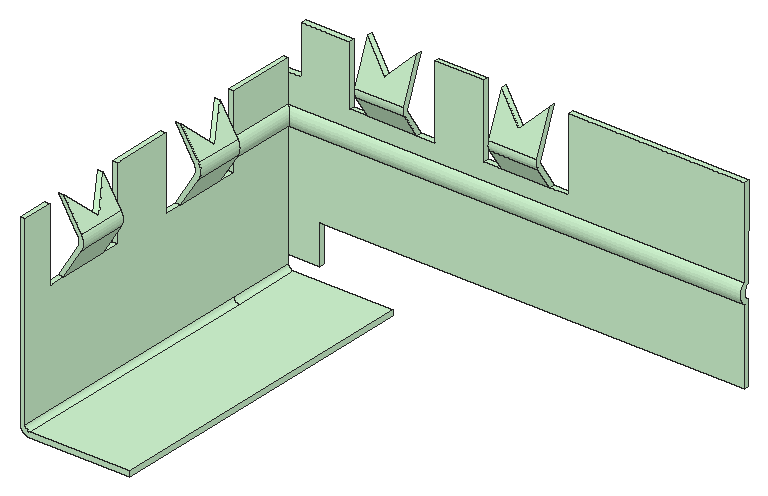
Revit family "20etlcross_h8-el3520_left", category 機械設備, Revit 2022
Family settings
  丸型コネクタ寸法 = 直径を使用
  種別 = なし
  パーツ タイプ = 標準
  作業面ベース = いいえ
  常に垂直 = はい
  ロード時にボイドで切り取り = いいえ
  注釈の向きを維持 = いいえ
  共有 = いいえ
  部屋計算ポイント = いいえ
Parameters
  製造元 = "株式会社桐井製作所"
  既定の高さ = 0 mm
  URL = "https://www.kirii.co.jp/"
  K_材質 = "溶融亜鉛めっき鋼板及び鋼帯 SGCC 一般用"
  K_品名 = "20eTLクロス左 H=8-eL3520(ツメ)"
  K_名称 = "eTLクロス"
  K_入数 = "250"
  K_備考 = "対象Tバー:eT4015、eY4815　対象Lバー:eL3520(20面)"
  K_バージョン情報 = "20220411"
  K_めっき付着量 = "Z12"
  K_JIS規格 = "JIS G 3302"
Reference planes
  plane 1 "中心(正面/背面)": y = 0
  plane 2: z = 0
  plane 3 "中心(左/右)": x = 0
Forms (mm)
  Extrusion 1, solid
    sketch origin (0, 0, 0) x (0, 1, 0) y (0, 0, 1)
      loop
        arc (-0.8, 25.182) -> (-1.6, 23.582) -> (-0.8, 21.982) r 2
        line (-0.8, 21.982) -> (-0.8, 0) -> (0, 0) -> (0, 22.451)
        arc (0, 22.451) -> (-0.8, 23.582) -> (0, 24.713) r 1.2
        line (0, 24.713) -> (0, 40) -> (-0.8, 40) -> (-0.8, 25.182)
    from 0 to 76
  Extrusion 2, void
    sketch origin (0, 0, 0) x (1, 0, 0) y (0, 0, 1)
      loop
        line (0, 40) -> (0, 30) -> (3, 30) -> (3, 38) -> (11, 38) -> (11, 28) -> (25, 28) -> (25, 40) -> (0, 40)
    from 0 to 0.8
  Extrusion 3, void
    sketch origin (0, 0, 0) x (1, 0, 0) y (0, 0, 1)
      loop
        line (33, 28) -> (47, 28) -> (47, 40) -> (33, 40) -> (33, 28)
    from 0 to 0.8
  Extrusion 4, void
    sketch origin (0, 0, 0) x (1, 0, 0) y (0, 0, 1)
      loop
        line (6, 9.5) -> (6, 3) -> (0, 3) -> (0, 0) -> (76, 0) -> (76, 9.5) -> (6, 9.5)
    from -0.792 to 0.8
  Extrusion 5, void
    sketch origin (-22, -1.6, 0) x (1, 0, 0) y (0, 0, -1)
      loop
        line (44, -40) -> (40, -36) -> (36, -40) -> (44, -40)
    from -0.873 to 1.6
  Extrusion 6, void
    sketch origin (0, -1.6, 0) x (1, 0, 0) y (0, 0, -1)
      loop
        line (44, -40) -> (40, -36) -> (36, -40) -> (44, -40)
    from -0.873 to 1.6
  Extrusion 7, solid
    sketch origin (-22, -0.8, 0) x (0, -1, 0) y (0, 0, -1)
      loop
        line (2.069, -32.596) -> (-0.8, -40) -> (0, -40) -> (2.676, -33.237)
        arc (2.676, -33.237) -> (2.766, -32.496) -> (2.511, -31.794) r 1.6
        line (2.511, -31.794) -> (0, -28) -> (-0.8, -28) -> (2.069, -32.596)
    from 36 to 44
  Extrusion 8, solid
    sketch origin (0, -0.8, 0) x (0, -1, 0) y (0, 0, -1)
      loop
        line (2.069, -32.596) -> (-0.8, -40) -> (0, -40) -> (2.676, -33.237)
        arc (2.676, -33.237) -> (2.766, -32.496) -> (2.511, -31.794) r 1.6
        line (2.511, -31.794) -> (0, -28) -> (-0.8, -28) -> (2.069, -32.596)
    from 36 to 44
  Extrusion 9, void
    sketch origin (0, -54.2, 0) x (0, 1, 0) y (0, 0, 1)
      loop
        line (42.2, 20) -> (42.2, 32) -> (28.2, 32) -> (28.2, 20) -> (42.2, 20)
    from 0 to 0.8
  Extrusion 10, solid
    sketch origin (0, -54.2, 0) x (1, 0, 0) y (0, 0, 1)
      loop
        line (0.8, 32) -> (0, 32) -> (0, 1.6)
        arc (0, 1.6) -> (0.469, 0.469) -> (1.6, 0) r 1.6
        line (1.6, 0) -> (18, 0) -> (18, 0.8) -> (1.6, 0.8)
        arc (1.6, 0.8) -> (1.034, 1.034) -> (0.8, 1.6) r 0.8
        line (0.8, 1.6) -> (0.8, 32)
    from -42.2 to 0.8
  Extrusion 11, void
    sketch origin (0, -68.2, 0) x (0, 1, 0) y (0, 0, 1)
      loop
        line (32.2, 20) -> (32.2, 32) -> (18.2, 32) -> (18.2, 20) -> (32.2, 20)
    from 0 to 0.8
  Extrusion 12, solid
    sketch origin (0, -11.2, 0) x (1, 0, 0) y (0, 0, 1)
      loop
        arc (1.6, 0.8) -> (1.034, 1.034) -> (0.8, 1.6) r 0.8
        line (0.8, 1.6) -> (0.8, 21.982)
        arc (0.8, 21.982) -> (1.6, 23.582) -> (0.8, 25.182) r 2
        line (0.8, 25.182) -> (0.8, 32) -> (0, 32) -> (0, 24.713)
        arc (0, 24.713) -> (0.8, 23.582) -> (0, 22.451) r 1.2
        line (0, 22.451) -> (0, 1.6)
        arc (0, 1.6) -> (0.469, 0.469) -> (1.6, 0) r 1.6
        line (1.6, 0) -> (18, 0) -> (18, 0.8) -> (1.6, 0.8)
    from -10.4 to 0.8
  Extrusion 13, solid
    sketch origin (0, -37.169, 0) x (1, 0, 0) y (0, 0, 1)
      loop
        line (3.756, 27.207) -> (0.8, 32) -> (0, 32) -> (3.075, 26.787)
        arc (3.075, 26.787) -> (3.298, 26) -> (3.075, 25.213) r 1.5
        line (3.075, 25.213) -> (0, 20) -> (0.8, 20) -> (3.756, 24.793)
        arc (3.756, 24.793) -> (4.098, 26) -> (3.756, 27.207) r 2.3
    from -22.2 to -14.2
  Extrusion 14, void
    sketch origin (0, -37.169, 0) x (0, 1, 0) y (0, 0, 1)
      loop
        line (22.2, 32) -> (14.2, 32) -> (18.2, 28) -> (22.2, 32)
    from 0 to 3.257
  Extrusion 15, solid
    sketch origin (0, -61.2, 0) x (1, 0, 0) y (0, 0, 1)
      loop
        line (3.756, 27.207) -> (0.8, 32) -> (0, 32) -> (3.075, 26.787)
        arc (3.075, 26.787) -> (3.298, 26) -> (3.075, 25.213) r 1.5
        line (3.075, 25.213) -> (0, 20) -> (0.8, 20) -> (3.756, 24.793)
        arc (3.756, 24.793) -> (4.098, 26) -> (3.756, 27.207) r 2.3
    from -22.2 to -14.2
  Extrusion 16, void
    sketch origin (0, -61.2, 0) x (0, 1, 0) y (0, 0, 1)
      loop
        line (22.2, 32) -> (14.2, 32) -> (18.2, 28) -> (22.2, 32)
    from 0 to 3.257
  Extrusion 17, void
    sketch origin (0, -2, 0) x (1, 0, 0) y (0, 0, 1)
      loop
        line (0, 24.713) -> (0, 22.451)
        arc (0, 22.451) -> (0.8, 23.582) -> (0, 24.713) r 1.2
    from -2 to 0
Cuts and joins
  Extrusion 2, Extrusion 3, Extrusion 4, Extrusion 5, Extrusion 6, Extrusion 17 cuts Extrusion 1
  Extrusion 5 cuts Extrusion 7
  Extrusion 6 cuts Extrusion 8
  Extrusion 9, Extrusion 11, Extrusion 14, Extrusion 16 cuts Extrusion 10
  Extrusion 14 cuts Extrusion 12
  Extrusion 14 cuts Extrusion 13
  Extrusion 16 cuts Extrusion 15
  joined: Extrusion 1, Extrusion 7, Extrusion 8, Extrusion 10, Extrusion 12, Extrusion 13, Extrusion 15
Dimensions and locks
  aligned and locked: level to plane 2
